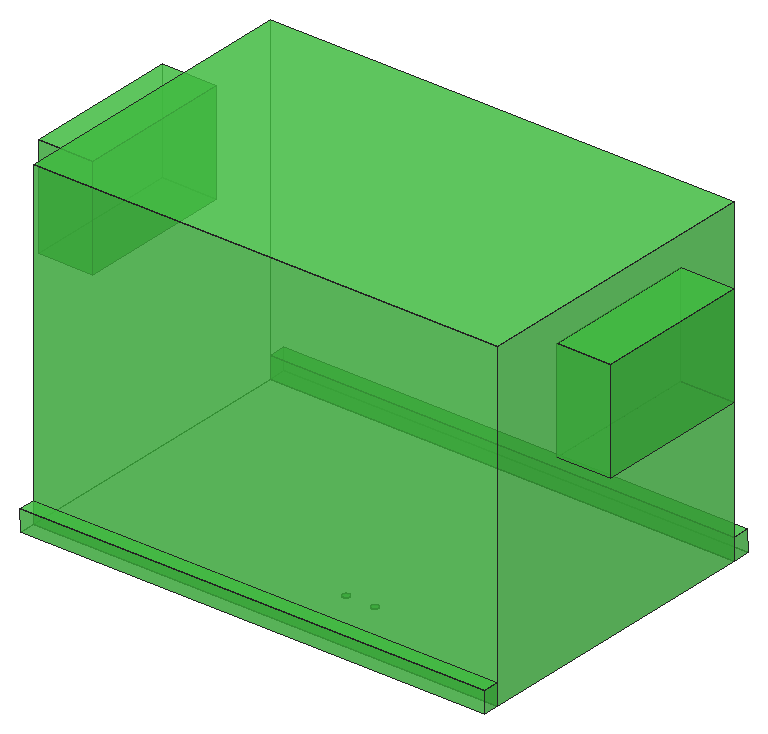
Revit family "aldes_inspirair_commercial_interior", category Mechanical Equipment, Revit 2018
Family settings
  Round Connector Dimension = Use Diameter
  Part Type = Normal
  Work Plane-Based = No
  Always vertical = Yes
  Cut with Voids When Loaded = No
  Shared = No
  Room Calculation Point = No
Parameters (values of type "P15H/Eii")
  Z = 7.20"
  Y = 4.00"
  X2 = 22.90"
  X1 = 22.90"
  X = if(BY_PASS, X1, X2)  # 22.90"
  Volt [instance] = 0 V
  W = 0.10"
  V = 40.00"
  U = 14.41"
  Type Comments = "Control panel with power and control separation; Access door with automotive quality seal; High strength Frame System;  No penetrating screws construction; Double wall; Wiring protected with flexible sheath; Pre-drilled hole for power grid connection;  Roof with rain gutter; No thermal break"  # constant formula
  T = 7.25"
  S = 21.65"
  Roof Curb Insulated [instance] = not(Roof Curb)  # yes
  Roof Curb [instance] = no
  R2 = 9.25"
  R1 = 10.31"
  R = if(BY_PASS, R1, R2)  # 10.31"
  Q = 14.25"
  Pillow Block fan bearing [instance] = no
  Phases [instance] = 1
  P = 7.25"
  Option Relative humidity sensor [instance] = no
  Option Phase Loss Detection [instance] = no
  Option Low temperature limit [instance] = no
  Option Low Airflow Switch [instance] = no
  Option Dirty filters Contact [instance] = no
  Option Damper End Switch [instance] = no
  Option CO2 detection [instance] = no
  O = 21.65"
  N2 = 9.25"
  N1 = 10.31"
  N = if(BY_PASS, N1, N2)  # 10.31"
  Motor Variable VFD [instance] = no
  Motor Premium 3 TEFC [instance] = no
  Motor Premium = no
  Motor ODP [instance] = no
  Motor EPact 2 ODP [instance] = no
  Motor EC [instance] = no
  Motor 2 speed [instance] = no
  Motor 1 speed [instance] = yes
  M = 14.25"
  L = 26.60"
  K = 21.65"
  J2 = 9.25"
  J1 = 10.31"
  J = if(BY_PASS, J1, J2)  # 10.31"
  Isolation thickness and R value = "1'' - R4"
  I = 14.25"
  HP Exhaust Fan [instance] = 0 VA
  HP Supply Fan [instance] = 0 VA
  H = 26.60"
  G = 21.65"
  Finish Standard Paint [instance] = yes
  Finish Paint Silicone Polyester [instance] = not(Finish Standard Paint)  # no
  Filters HE filter replacement [instance] = no
  Filters Addition of HE filter [instance] = no
  F2 = 9.25"
  F1 = 10.31"
  F = if(BY_PASS, F1, F2)  # 10.31"
  EXHAUST_AIR_DAMPER = yes
  EAD = if(EXHAUST_AIR_DAMPER, 5.50", 0.00")  # 5.50"
  E = A - 4.70"  # 41.30"
  Drive Assembly_Blower on vibration isolation springs [instance] = no
  Drive Assembly_Blower on vibration isolation rubber [instance] = no
  Description = "Air Heat Exchanger"  # constant formula
  Defrost Wheel Speed variation [instance] = no
  Defrost Recirculation Cycles [instance] = no
  Defrost Hydronic preheating [instance] = no
  Defrost Fan Exhaust Cycle [instance] = no
  Defrost Face and Bypass damper [instance] = yes
  Defrost Electric preheating coil [instance] = no
  Dampers Insulated motorized [instance] = not(Dampers Backdraft)  # yes
  Dampers Backdraft [instance] = no
  D = B - AA - BB  # 64.78"
  Cube Polypropylene [instance] = yes
  Cube Enthalpic High efficiency dPoint [instance] = no
  Cube Enthalpic Standard Efficiency (dPoint) [instance] = no
  Cube Enthalpic High Latent Transfer [instance] = no
  Cube Aluminum [instance] = no
  Position 7_OA_F [instance] = no
  Position 6_OA [instance] = yes
  Position 5_RA_H [instance] = not(Position 4_RA)  # no
  Position 4_RA [instance] = yes
  Position 3_SA [instance] = yes
  Position 2_SA_H [instance] = not(Position 3_SA)  # no
  Position 1_EA [instance] = yes
  BB1 = 2.00"
  BB = BB1 + EAD  # 7.50"
  B2 = 68.78"
  B1 = 68.78"
  AA1 = 2.00"
  AA = AA1 + EAD  # 7.50"
  A2 = 38.25"
  A1 = 46.00"
  2_COILS = no
  1_COIL = no
  BY_PASS = yes
  Clearance Right [instance] = no
  Clearance Left [instance] = no
  C = 44.92"
  B = if(BY_PASS, if([2_COILS], B1 + 40.00" + EAD + EAD, if([1_COIL], B1 + 20.00" + EAD + EAD, B1 + EAD + EAD)), if([2_COILS], B2 + 40.00" + EAD + EAD, if([1_COIL], B2 + 20.00" + EAD + EAD, B2 + EAD + EAD)))  # 79.78"
  Airflow MIN = 0 CFM
  Airflow MAX = 0 CFM
  Air treatment Hydronic post-heating coil [instance] = no
  Air treatment Hydronic chilled water coil [instance] = no
  Air treatment DX cooling coil [instance] = no
  Air Treatment Electric postheating coil [instance] = no
  AMP = 0 A
  URL = "http://www.aldes.ca/produits/commerciaux/commercial-leger"
  Model = "C-2000i"
  Material Clearance = Aldes HRV Clearance
  Manufacturer = "Aldes"  # constant formula
  A = if(BY_PASS, A1, A2)  # 46.00"
Types (4): name | Z | X2 | X1 | X | V | U | T | S | R2 | R1 | R | Q | P | O | N2 | N1 | N | M | L | K | J2 | J1 | J | I | H | G | F2 | F1 | F | EXHAUST_AIR_DAMPER | EAD | E | Defrost Face and Bypass damper | Dampers Insulated motorized | Dampers Backdraft | D | BB | B2 | B1 | AA | A2 | A1 | 2_COILS | 1_COIL | Clearance Right | Clearance Left | C | B | Model | A
  P15H/Eii | 7.20" | 22.90" | 22.90" | 22.90" | 40.00" | 14.41" | 7.25" | 21.65" | 9.25" | 10.31" | 10.31" | 14.25" | 7.25" | 21.65" | 9.25" | 10.31" | 10.31" | 14.25" | 26.60" | 21.65" | 9.25" | 10.31" | 10.31" | 14.25" | 26.60" | 21.65" | 9.25" | 10.31" | 10.31" | yes | 5.50" | 41.30" | yes | yes | no | 64.78" | 7.50" | 68.78" | 68.78" | 7.50" | 38.25" | 46.00" | no | no | no | no | 44.92" | 79.78" | "C-2000i" | 46.00"
  P20H/Ei | 7.40" | 22.52" | 42.52" | 42.52" | 40.00" | 14.41" | 7.25" | 21.65" | 10.31" | 15.00" | 15.00" | 14.41" | 7.25" | 21.65" | 10.31" | 15.00" | 15.00" | 14.41" | 26.81" | 21.65" | 10.31" | 15.00" | 15.00" | 14.41" | 26.81" | 21.65" | 10.31" | 15.00" | 15.00" | no | 0.00" | 51.00" | no | no | yes | 104.78" | 2.00" | 68.78" | 68.78" | 2.00" | 46.00" | 55.70" | yes | no | yes | yes | 44.92" | 108.78" | "P15 H/E i" | 55.70"
  P30H/Ei | 7.40" | 31.85" | 51.85" | 51.85" | 50.00" | 17.40" | 8.66" | 36.69" | 9.50" | 14.40" | 14.40" | 17.40" | 8.50" | 36.69" | 9.50" | 14.40" | 14.40" | 17.40" | 33.75" | 36.69" | 9.50" | 14.40" | 14.40" | 17.40" | 33.75" | 36.69" | 9.50" | 14.40" | 14.40" | no | 0.00" | 65.10" | no | yes | no | 93.17" | 2.00" | 77.17" | 77.17" | 2.00" | 53.90" | 69.80" | no | yes | yes | yes | 55.87" | 97.17" | "P30 H/E i" | 69.80"
  P40H/Ei | 7.40" | 31.85" | 51.85" | 51.85" | 50.00" | 17.40" | 8.50" | 36.69" | 14.40" | 22.25" | 22.25" | 17.40" | 8.66" | 36.69" | 14.40" | 22.25" | 22.25" | 17.40" | 33.75" | 36.69" | 14.40" | 22.25" | 22.25" | 17.40" | 33.75" | 36.69" | 14.40" | 22.25" | 22.25" | no | 0.00" | 80.85" | no | no | yes | 113.17" | 2.00" | 77.17" | 77.17" | 2.00" | 69.80" | 85.55" | yes | no | yes | yes | 55.87" | 117.17" | "P40 H/E i" | 85.55"
Reference planes (in)
  plane 1 "Center (Front/Back)": y = 5.13117
  plane 2: z = 0
  plane 3 "Center (Left/Right)": x = 18.15628
  plane 4: x = 50.54628
  plane 5: y = -15.51883
  plane 6: y = 25.78117
  plane 7: x = -14.23372
  plane 8: z = 44.92
  plane 9: z = 3
  plane 10: y = -17.86883
  plane 11: y = 28.13117
  plane 12: y = -55.51883
  plane 13: y = 25.88117
  plane 14: y = -8.31883
  plane 15: x = 45.34378
  plane 16 "P1": x = 27.64628
  plane 17 "QV": x = 7.26628
  plane 18 "PV": x = -6.98372
  plane 19: x = -108.03122
  plane 20: x = -14.31707
  plane 21: x = -21.73372
  plane 22 "EA": x = -21.73372
  plane 23 "P2": x = 23.64628
  plane 24 "OA": x = 58.04628
  plane 25 "N": y = -5.20883
  plane 26 "O": y = 16.44117
  plane 27 "P": z = 7.25
  plane 28: z = 21.5
  plane 29 "L": z = 26.6
  plane 30 "M": z = 40.85
  plane 31 "J": y = -5.20883
  plane 32 "K": y = 16.44117
  plane 33 "R": y = -5.20883
  plane 34 "S": y = 16.44117
  plane 35: y = -4.86718
  plane 36: y = 29.31867
  plane 37 "T": z = 7.25
  plane 38 "U": z = 21.66
  plane 39 "f": y = -5.20883
  plane 40 "g": y = 16.44117
  plane 41 "I": z = 40.85
  plane 42 "H": z = 26.6
  plane 43: x = 43.29628
  plane 44: x = 28.88628
  plane 45: z = 7.2
  plane 46: y = 16.44117
  plane 47: y = -5.20883
Forms (in)
  Extrusion 1, solid
    sketch origin (18.15628, 0, 0) x (0, -1, 0) y (0, 0, 1)
      loop
        line (15.51883, 44.92) -> (-25.78117, 44.92) -> (-25.78117, 0) -> (15.51883, 0) -> (15.51883, 44.92)
    from -32.39 to 32.39
  Extrusion 2, solid
    sketch origin (18.15628, 0, 0) x (0, -1, 0) y (0, 0, 1)
      loop
        line (17.86883, 3) -> (15.51883, 3) -> (15.51883, 0) -> (17.86883, 0) -> (17.86883, 3)
      loop
        line (-28.13117, 3) -> (-28.13117, 0) -> (-25.78117, 0) -> (-25.78117, 3) -> (-28.13117, 3)
    from -32.39 to 32.39
  Extrusion 3, solid, material "Aldes HRV Clearance" <- "Material Clearance", visible <- "Clearance Left"
    sketch origin (18.15628, 5.13117, 0) x (-1, 0, 0) y (0, -1, 0)
      loop
        line (-32.39, 20.65) -> (32.39, 20.65) -> (32.39, 60.65) -> (-32.39, 60.65) -> (-32.39, 20.65)
    from 3 to 44.92
  Extrusion 4, solid, material "Aldes HRV Clearance" <- "Material Clearance", visible <- "Clearance Right"
    sketch origin (18.28128, 60.55217, 0) x (-1, 0, 0) y (0, -1, 0)
      loop
        line (-32.265, 34.671) -> (32.515, 34.671) -> (32.515, 34.771) -> (-32.265, 34.771) -> (-32.265, 34.671)
    from 3 to 44.92
  Extrusion 5, solid, visible <- "Position 6_OA"
    sketch origin (0, 5.13117, 22.5) x (-1, 0, 0) y (0, 0, 1)
      loop
        line (14.23372, 18.35) -> (14.23372, 4.1) -> (21.73372, 4.1) -> (21.73372, 18.35) -> (14.23372, 18.35)
    from -10.34 to 11.31
  Extrusion 6, solid, visible <- "Position 1_EA"
    sketch origin (18.10159, 5.13117, 28) x (-1, 0, 0) y (0, 0, 1)
      loop
        line (-32.48697, 12.85) -> (-39.94469, 12.85) -> (-39.94469, -1.4) -> (-32.44469, -1.4) -> (-32.44469, 12.85) -> (-32.48697, 12.85)
    from -10.34 to 11.31
  Extrusion 7, solid
    sketch origin (14.15628, 9.56867, 0) x (-1, 0, 0) y (0, -1, 0)
      loop
        circle (-13.49, 17.8875) r 0.5
    from 1.125 to 1.25
  Extrusion 8, solid, visible <- "Position 2_SA_H"
    sketch origin (18.15628, 0, 0) x (0, -1, 0) y (0, 0, 1)
      loop
        line (5.20883, 7.25) -> (5.20883, 21.66) -> (-16.44117, 21.66) -> (-16.44117, 7.25) -> (5.20883, 7.25)
    from -32.39 to -32.62326
  Extrusion 9, solid, visible <- "Position 5_RA_H"
    sketch origin (18.15628, 0, 0) x (0, -1, 0) y (0, 0, 1)
      loop
        line (-16.44117, 21.66) -> (-16.44117, 7.25) -> (5.20883, 7.25) -> (5.20883, 21.66) -> (-16.44117, 21.66)
    from 32.39 to 32.5775
  Extrusion 10, solid
    sketch origin (15.56144, 9.56867, 0) x (-1, 0, 0) y (0, -1, 0)
      loop
        circle (-8.08484, 17.8875) r 0.5
    from 1.125 to 1.25
Dimensions and locks (in)
  equal spacing: plane 6, plane 1 "Center (Front/Back)", plane 5
  equal spacing: plane 7, plane 3 "Center (Left/Right)", plane 4
  "C": plane 8 to level
  plane 9 to level = 3.00"
  equal spacing: plane 11, plane 1 "Center (Front/Back)", plane 10
  "V": plane 12 to plane 5
  "W": plane 13 to plane 6
  "X": plane 4 to plane 16 "P1"
  locked: plane 21 to Extrusion 5 sketch curve at 0
  locked: Extrusion 4 to Extrusion 9 at 0.1875
  locked: Extrusion 4 to Extrusion 8 at 0.23326
  locked: Extrusion 10 sketch curve to plane 23 "P2"
  "B": plane 24 "OA" to plane 22 "EA"
  "BB": plane 7 to plane 22 "EA"
  "AA": plane 24 "OA" to plane 4
  "A": plane 11 to plane 10
  "E": plane 6 to plane 5
  "N": plane 25 "N" to plane 5
  "O": plane 26 "O" to plane 25 "N"
  "P": plane 27 "P" to level
  "Q": plane 28 to plane 27 "P"
  "Q": plane 18 "PV" to plane 17 "QV"
  "P": plane 7 to plane 18 "PV"
  "J": plane 31 "J" to plane 5
  "K": plane 32 "K" to plane 31 "J"
  "L": plane 29 "L" to level
  "M": plane 30 "M" to plane 29 "L"
  "R": plane 5 to plane 33 "R"
  "S": plane 33 "R" to plane 34 "S"
  "T": plane 37 "T" to level
  "U": plane 38 "U" to plane 37 "T"
  "F": plane 5 to plane 39 "f"
  "G": plane 39 "f" to plane 40 "g"
  "H": plane 42 "H" to level
  "I": plane 41 "I" to plane 42 "H"
  "T": plane 43 to plane 4
  "U": plane 44 to plane 43
  "Z": plane 5 to plane 14
  "Y": plane 23 "P2" to plane 16 "P1"
  "Z": plane 45 to level
  "R": plane 5 to plane 47
  "S": plane 47 to plane 46
  diameter of Extrusion 7 sketch curve = 1.00"
  aligned and locked: plane 2 to level
  aligned and locked: plane 8 to Extrusion 1 sketch curve
  aligned and locked: plane 5 to Extrusion 1 sketch curve
  aligned and locked: plane 6 to Extrusion 1 sketch curve
  aligned and locked: plane 9 to Extrusion 2 sketch curve  (x2)
  aligned and locked: Extrusion 2 sketch curve to level  (x2)
  aligned and locked: plane 12 to Extrusion 3 sketch curve
  aligned and locked: plane 11 to Extrusion 2 sketch curve
  aligned and locked: Extrusion 2 sketch curve to plane 10
  aligned and locked: plane 4 to Extrusion 4
  aligned and locked: plane 8 to Extrusion 4
  aligned and locked: plane 7 to Extrusion 4
  aligned and locked: Extrusion 3 sketch curve to plane 7
  aligned and locked: Extrusion 3 to plane 8
  aligned and locked: Extrusion 3 to plane 9
  aligned and locked: Extrusion 4 to plane 9
  aligned and locked: Extrusion 5 sketch curve to plane 7
  aligned and locked: plane 22 "EA" to plane 21
  aligned and locked: Extrusion 6 to plane 24 "OA"
  aligned and locked: Extrusion 6 to plane 4
  aligned and locked: Extrusion 1 to level
  aligned and locked: plane 4 to Extrusion 2
  aligned and locked: plane 7 to Extrusion 2
  aligned and locked: plane 6 to Extrusion 2
  aligned and locked: Extrusion 9 to plane 26 "O"
  aligned and locked: plane 25 "N" to Extrusion 9
  aligned and locked: Extrusion 8 to Extrusion 9
  aligned and locked: Extrusion 9 to Extrusion 8
  aligned and locked: Extrusion 5 to plane 31 "J"
  aligned and locked: plane 32 "K" to Extrusion 5
  aligned and locked: Extrusion 5 to plane 29 "L"
  aligned and locked: plane 30 "M" to Extrusion 5
  aligned and locked: plane 38 "U" to Extrusion 8
  aligned and locked: Extrusion 8 to plane 37 "T"
  aligned and locked: Extrusion 8 to plane 34 "S"
  aligned and locked: plane 33 "R" to Extrusion 8
  aligned and locked: plane 41 "I" to Extrusion 6
  aligned and locked: Extrusion 6 to plane 42 "H"
  aligned and locked: Extrusion 6 to plane 40 "g"
  aligned and locked: plane 39 "f" to Extrusion 6
  aligned and locked: Extrusion 1 to plane 4
  aligned and locked: Extrusion 1 to plane 7
  aligned and locked: plane 7 to Extrusion 9
  aligned and locked: plane 4 to Extrusion 8
Automatic sketch dimensions
  Extrusion 1 sketch curve to level = 0.00"
  Extrusion 2 sketch curve to plane 6 = 0.00"
  Extrusion 2 sketch curve to plane 5 = 0.00"
  Extrusion 3 sketch curve to plane 4 = 0.00"
  plane 5 to Extrusion 3 sketch curve = 0.00"
  Extrusion 4 sketch curve to plane 4 = 0.00"
  Extrusion 4 sketch curve to plane 6 = 0.00"
  Extrusion 4 sketch curve to plane 7 = 0.00"
  Extrusion 4 sketch curve to plane 13 = 0.00"
  Extrusion 5 sketch curve to plane 29 "L" = 0.00"
  Extrusion 5 sketch curve to plane 30 "M" = 0.00"
  Extrusion 6 sketch curve to plane 24 "OA" = 0.00"
  Extrusion 6 sketch curve to plane 41 "I" = 0.00"
  plane 4 to Extrusion 6 sketch curve = 0.00"
  Extrusion 6 sketch curve to plane 42 "H" = 0.00"
  Extrusion 6 sketch curve to Extrusion 6 sketch curve = 0.04228"
  plane 14 to Extrusion 7 sketch curve = 0.00"
  Extrusion 7 sketch curve to plane 16 "P1" = 0.00"
  Extrusion 8 sketch curve to plane 34 "S" = 0.00"
  Extrusion 8 sketch curve to plane 33 "R" = 0.00"
  Extrusion 8 sketch curve to plane 37 "T" = 0.00"
  Extrusion 8 sketch curve to plane 38 "U" = 0.00"
  Extrusion 9 sketch curve to plane 26 "O" = 0.00"
  Extrusion 9 sketch curve to plane 25 "N" = 0.00"
  Extrusion 9 sketch curve to plane 37 "T" = 0.00"
  Extrusion 9 sketch curve to plane 38 "U" = 0.00"
  Extrusion 10 sketch curve to plane 14 = 0.00"
  radius of Extrusion 10 sketch curve = 0.50"
Connectors (in)
  hvac at (50.77954, 5.61617, 14.455), driven by "U", driven by "S"
    settings: on Extrusion 8, index 11, duct flow 0 CFM, flow factor 0, pres drop 0.00 in-wg, loss coef 0, conn angle 0.00°, conn width 21.65", conn height 14.41", conn diameter 24", duct sys type 1, conn prof type 1, flow config 0, flow direction 0, loss method 0, conn ref index -1, conn util no, is conn primary yes, conn desc "SA"
  hvac at (-14.42122, 5.61617, 14.455), driven by "Q", driven by "O"
    settings: on Extrusion 9, index 12, duct flow 0 CFM, flow factor 0, pres drop 0.00 in-wg, loss coef 0, conn angle 0.00°, conn width 21.65", conn height 14 1/4", conn diameter 24", duct sys type 2, conn prof type 1, flow config 0, flow direction 0, loss method 0, conn ref index -1, conn util no, is conn primary no, conn desc "RA"
  piping at (27.64628, -8.31883, 1.25), diameter 1
    settings: on Extrusion 7, index 13, connector inside diameter 24", connector length 0.00", flow factor 0, pipe flow 0 GPM, pressure drop 0.00 psi, fitting loss kfactor 0, connector angle 0.00°, fixture units 0, engagement length 0.00", angle of deflection 0.00°, flow configuration 0, flow direction 0, fitting loss method 0, system type 16, joint type 0, gender type 0, connector reference index -1, connector utility 0, adjustable connector no, is connector primary yes, connector description ""
  piping at (23.64628, -8.31883, 1.25), diameter 1
    settings: on Extrusion 10, index 14, connector inside diameter 24", connector length 0.00", flow factor 0, pipe flow 0 GPM, pressure drop 0.00 psi, fitting loss kfactor 0, connector angle 0.00°, fixture units 0, engagement length 0.00", angle of deflection 0.00°, flow configuration 0, flow direction 0, fitting loss method 0, system type 16, joint type 0, gender type 0, connector reference index -1, connector utility 0, adjustable connector no, is connector primary no, connector description ""
  hvac at (-21.73372, 5.61617, 33.725), driven by "M", driven by "K"
    settings: on Extrusion 5, index 15, duct flow 0 CFM, flow factor 0, pres drop 0.00 in-wg, loss coef 0, conn angle 0.00°, conn width 21.65", conn height 14 1/4", conn diameter 24", duct sys type 3, conn prof type 1, flow config 0, flow direction 0, loss method 0, conn ref index -1, conn util no, is conn primary no, conn desc "EA"
  hvac at (58.04628, 5.61617, 33.725), driven by "I", driven by "G"
    settings: on Extrusion 6, index 16, duct flow 0 CFM, flow factor 0, pres drop 0.00 in-wg, loss coef 0, conn angle 0.00°, conn width 21.65", conn height 14 1/4", conn diameter 24", duct sys type 4, conn prof type 1, flow config 0, flow direction 0, loss method 0, conn ref index -1, conn util no, is conn primary no, conn desc "OA"
